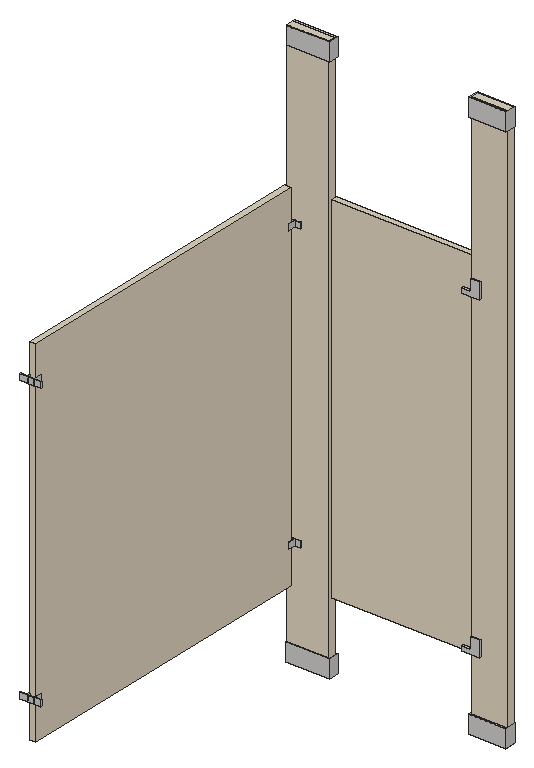
Revit family
Parameters (values of type "As Specified in 10 21 00")
  topoffset = 0' - 0 1/4"
  strkhdwr [instance] = not(or((End Panel_Strike Side), (Terminates at Wall_Strike Side)))  # no
  hngpnlconstrain [instance] = if((Terminates at Wall_Hinge Side), (Front Panel Width_Hinge Side - Reveal Clearance), (if((End Panel_Hinge Side), (Front Panel Width_Hinge Side + Panel Thickness + 0' 0 1/8"), (Front Panel Width_Hinge Side))))  # 0' - 6"
  hngpnl2 [instance] = if((Terminates at Wall_Strike Side), (Panel Thickness - Reveal Clearance - 0' 0 1/8"), (if((End Panel_Strike Side), (Panel Thickness + 0' 0 1/8"), (Panel Thickness))))  # 0' - 1 1/8"
  capoffset = 0' - 0"
  Warranty Duration (Years) = 0
  URL = "http://www.am-sanitary-partition.com/\r\n"
  Type Comments = "Toilet Partition"
  Terminates at Wall_Strike Side [instance] = no
  Terminates at Wall_Hinge Side [instance] = no
  Stile Thickness = 0' - 1 1/4"
  Stall Width = 3' - 0"
  Stall Depth [instance] = 4' - 8"
  Panel Thickness = 0' - 1"
  Outswing [instance] = not(Inswing)  # no
  Inswing [instance] = yes
  Headrail Material = Aluminum - Extruded - Satin Anodized Finish
  Green Building-LEED = "http://www.arcat.com/green/clients/leed_data_30440.html\r\n"
  End Panel_Strike Side [instance] = not(Terminates at Wall_Strike Side)  # yes
  Front Panel Width_Strike Side = 0' - 6"
  Specification = "http://www.arcat.com/specwizard/clients/amerisan.html?coid=30440\r\n"
  SpecWizard = "http://www.arcat.com/specwizard/10150asp/index.htm?mf=&coid=30440\r\n"
  Send Message = "http://admin.arcat.com/users.pl?action=UserEmail&company=American%20Sanitary%20Partition%20Corp.&coid=30440&rep=145&fax=407-656-8189&mf=\r\n"
  Sales Information = "http://www.am-sanitary-partition.com/\r\n"
  Revision = "R1_10/2009"
  Reveal Clearance = 0' - 0 1/2"
  Product Properties = "http://www.arcat.com/bim/bim_info.pl?fn=Toilet-Partition_AmericanSanitary_Floor-to-Ceiling\r\n"
  Product Data = "http://www.arcat.com/arcatcos/cos30/arc30440.html\r\n"
  Panel Material [instance] = Phenolic Core - Color as Specified
  Model = "As Specified in 10 21 00"
  Manufacturer's Notes = ""
  Manufacturer Website = "http://www.am-sanitary-partition.com/\r\n"
  Manufacturer Phone = "407-656-0611\r\n"
  Manufacturer Fax = "407-656-8189\r\n"
  Manufacturer Address = "300 Enterprise St.; P. O. Box 99; Ocoee; FL 34761\r\n"
  Manufacturer = "American Sanitary Partition Corp.\r\n"
  Maintenance Schedule (Months) = 0
  Keynote = "10 21 00"
  Installation-Fabrication = "http://www.arcat.com/clients/amersan.pdf"
  Installation Phase = ""
  End Panel_Hinge Side [instance] = no
  Front Panel Width_Hinge Side = Stall Width - Door Width - Front Panel Width_Strike Side  # 0' - 6"
  Hardware Finish [instance] = Stainless Steel - Type 304 #4 Brushed Finish
  Expected Lifespan (Years) = 0
  Drawn By = "Robert S. Weygant, CSI, CDT, SCIP"  # constant formula
  Door Width = 2' - 0"
  Door Thickness = 0' - 1"
  Door Height = 5' - 0"
  Distance from Floor to Panel = 1' - 0"
  Copyright = "2009, ARCAT, Inc."  # constant formula
  Description = "As Specified in 10 21 00"
  Construction Details = "http://www.arcat.com/details/amerisan/amerisan.html?coid=30440\r\nhttp://www.arcat.com/details/amerisan/amerisan.html?coid=30440\r\n"
  Ceiling Height = 8' - 0"
  Brackets_Vertical = 2
  Assembly Code = "C1010400"
Reference planes (in)
  plane 1: y = 26.56271
  plane 2 "Center (Left/Right)": x = 26.6528
  plane 3 "Left": x = 44.6528
  plane 4: x = 8.6528
  plane 5: y = 86.31271
  plane 6 "Back": y = 31.56271
  plane 7 "Right": x = 7.6528
  plane 8 "Front": y = 87.56271
  plane 9 "Bottom of panel": z = 12
  plane 10 "Top of panel": z = 72
  plane 11: x = 14.6528
  plane 12: x = 38.6528
  plane 13 "Top": z = 96
  plane 14 "Bottom Bracket": z = 18
  plane 15 "Top Bracket": z = 66
  plane 16 "Top Hinge": z = 68.75
  plane 17: y = 85.81271
  plane 18: y = 32.06271
  plane 19: z = 0
  plane 20: x = 7.5278
Forms (in)
  Extrusion 1, solid, material "Phenolic Core - Color as Specified" <- "Panel Material"
    sketch origin (0, 0, 0) x (1, 0, 0) y (0, 1, 0)
      loop
        line (7.5278, 87.56271) -> (7.5278, 86.31271) -> (14.6528, 86.31271) -> (14.6528, 87.56271) -> (7.5278, 87.56271)
    from 0 to 96
  Extrusion 2, solid, material "Stainless Steel - Type 304 #4 Brushed Finish" <- "Hardware Finish", detail levels medium+fine
    sketch origin (0, 87.56271, 0) x (-1, 0, 0) y (0, 0, 1)
      loop
        line (-13.1528, 39.97704) -> (-13.1528, 42.02296) -> (-15.6528, 42.02296) -> (-15.6528, 39.97704) -> (-13.1528, 39.97704)
    from 0 to 0.25
  Extrusion 3, solid, material "Phenolic Core - Color as Specified" <- "Panel Material"
    sketch origin (0, 0, 0) x (1, 0, 0) y (0, 1, 0)
      loop
        line (38.6528, 87.56271) -> (38.6528, 86.31271) -> (44.6528, 86.31271) -> (44.6528, 87.56271) -> (38.6528, 87.56271)
    from 0 to 96
  Extrusion 4, solid, material "Phenolic Core - Color as Specified" <- "Panel Material", visible <- "End Panel_Hinge Side"
    sketch origin (0, 0, 0) x (1, 0, 0) y (0, 1, 0)
      loop
        line (44.6528, 32.06271) -> (45.6528, 32.06271) -> (45.6528, 85.81271) -> (44.6528, 85.81271) -> (44.6528, 32.06271)
    from 12 to 72
  Extrusion 5, solid, material "Phenolic Core - Color as Specified" <- "Panel Material", visible <- "End Panel_Strike Side"
    sketch origin (0, 0, 0) x (1, 0, 0) y (0, 1, 0)
      loop
        line (7.6528, 32.06271) -> (8.6528, 32.06271) -> (8.6528, 85.81271) -> (7.6528, 85.81271) -> (7.6528, 32.06271)
    from 12 to 72
  Extrusion 6, solid, material "Stainless Steel - Type 304 #4 Brushed Finish" <- "Hardware Finish", detail levels fine
    sketch origin (0, 87.56271, 0) x (-1, 0, 0) y (0, 0, 1)
      loop
        line (-38.6528, 68.75) -> (-40.1528, 68.75) -> (-40.1528, 66) -> (-38.6528, 66) -> (-37.1528, 66) -> (-37.1528, 66.75) -> (-38.6528, 66.75) -> (-38.6528, 68.75)
    from -1.49944 to 0.25
  Extrusion 7, solid, material "Stainless Steel - Type 304 #4 Brushed Finish" <- "Hardware Finish", detail levels fine
    sketch origin (0, 87.56271, -52) x (-1, 0, 0) y (0, 0, 1)
      loop
        line (-38.6528, 66.75) -> (-40.1528, 66.75) -> (-40.1528, 64) -> (-37.1528, 64) -> (-37.1528, 64.75) -> (-38.6528, 64.75) -> (-38.6528, 66.75)
    from -1.49944 to 0.25
  Extrusion 8, solid, material "Phenolic Core - Color as Specified" <- "Panel Material"
    sketch origin (0, 87.56271, 0) x (-1, 0, 0) y (0, 0, 1)
      loop
        line (-36.9028, 12) -> (-14.9028, 12) -> (-14.9028, 72) -> (-38.4028, 72) -> (-38.4028, 66.75) -> (-36.9028, 66.75) -> (-36.9028, 65.9223) -> (-38.4028, 65.9223) -> (-38.4028, 12.75) -> (-36.9028, 12.75) -> (-36.9028, 12)
    from -1 to 0
  Extrusion 9, solid, material "Stainless Steel - Type 304 #4 Brushed Finish" <- "Hardware Finish", detail levels fine
    sketch origin (2.39731, 87.56271, 78) x (-1, 0, 0) y (0, 0, 1)
      loop
        line (-12.50549, -78) -> (-5.13049, -78) -> (-5.13049, -75) -> (-12.50549, -75) -> (-12.50549, -78)
      loop
        line (-12.50549, 15) -> (-5.25549, 15) -> (-5.25549, 18) -> (-12.50549, 18) -> (-12.50549, 15)
    from -1.49768 to 0.24505
  Extrusion 10, solid, material "Stainless Steel - Type 304 #4 Brushed Finish" <- "Hardware Finish", detail levels fine
    sketch origin (0, 87.56271, 79) x (-1, 0, 0) y (0, 0, 1)
      loop
        line (-44.6528, -79) -> (-38.4028, -79) -> (-38.4028, -76) -> (-44.6528, -76) -> (-44.6528, -79)
      loop
        line (-44.6528, 14) -> (-38.4028, 14) -> (-38.4028, 17) -> (-44.6528, 17) -> (-44.6528, 14)
    from -1.49944 to 0.25923
Lines and regions (in)
  symbolic lines
    curve 1: line (38.6528, 0, 72) -> (14.6528, 0, 42)
    curve 2: line (14.6528, 0, 42) -> (38.6528, 0, 12)
    curve 3: line (8.6528, 31.56271, 0) -> (7.6528, 31.56271, 0)
  symbolic lines, visible <- "Inswing"
    curve 4: line (38.6528, 86.31271, 0) -> (38.6528, 62.31271, 0)
    curve 5: line (38.6528, 62.31271, 0) -> (37.6528, 62.31271, 0)
    curve 6: line (37.6528, 62.31271, 0) -> (37.6528, 86.31271, 0)
    curve 7: line (37.6528, 86.31271, 0) -> (38.6528, 86.31271, 0)
  symbolic lines, style "Toilet Accessories-Dashed", visible <- "Inswing"
    curve 8: arc (14.6528, 86.31271, 0) -> (21.68224, 69.34214, 0) -> (38.6528, 62.31271, 0) r 24
  symbolic lines, visible <- "Outswing"
    curve 9: line (38.6528, 87.56271, 0) -> (38.6528, 111.47195, 0)
    curve 10: line (38.6528, 111.47195, 0) -> (37.6528, 111.47195, 0)
    curve 11: line (37.6528, 111.47195, 0) -> (37.6528, 87.56271, 0)
    curve 12: line (37.6528, 87.56271, 0) -> (38.6528, 87.56271, 0)
  symbolic lines, style "Toilet Accessories-Dashed", visible <- "Outswing"
    curve 13: arc (14.6528, 87.47195, 0) -> (21.68224, 104.44252, 0) -> (38.6528, 111.47195, 0) r 24
Text (in)
  text "Placement Side" at (0, 40.15149, 123.01588), in view "Right"
  text "Placement Side" at (-71.13158, 43.3951, 0), in view "Floor Line"
  text "Placement Side" at (0, 65.23256, 117.93067), in view "Left"
Dimensions and locks (in)
  "Stall Width": plane 4 to plane 3 "Left"
  "Door Height": plane 9 "Bottom of panel" to plane 10 "Top of panel"
  "Distance from Floor to Panel": host wall to plane 9 "Bottom of panel"
  equal spacing: plane 9 "Bottom of panel", curve 2, plane 10 "Top of panel"
  "Ceiling Height": level to plane 13 "Top"
  "Panel Thickness": plane 7 "Right" to plane 4
  "Panel Thickness": plane 3 "Left" to Extrusion 4 sketch curve
  locked: Extrusion 6 sketch curve to plane 12 at 1.5  (x2)
  locked: plane 9 "Bottom of panel" to Extrusion 7 sketch curve at 2.75
  locked: Extrusion 7 sketch curve to plane 12 at 1.5
  locked: plane 12 to Extrusion 7 sketch curve at 1.5
  locked: plane 12 to Extrusion 8 sketch curve at 0.25
  locked: plane 11 to Extrusion 8 sketch curve at 0.25
  locked: Extrusion 2 sketch curve to plane 11 at 1.5
  "Front Panel Width_Hinge Side": plane 12 to plane 3 "Left"
  "Door Width": plane 11 to plane 12
  locked: Extrusion 9 sketch curve to plane 11 at 0.25  (x2)
  locked: Extrusion 10 sketch curve to plane 12 at 0.25  (x2)
  equal spacing: plane 4, plane 2 "Center (Left/Right)", plane 3 "Left"
  locked: Extrusion 9 to plane 8 "Front" at 0.24505
  locked: Extrusion 9 to plane 5 at 0.24768
  "Door Thickness": curve 6 to plane 12
  group 1 to group 2 = 0' - 0"
  group 2 to group 1 = 0' - 0"
  group 1 to group 2 = 4' - 0"
  locked: plane 15 "Top Bracket" to plane 16 "Top Hinge" at 2.75
  locked: plane 15 "Top Bracket" to plane 10 "Top of panel" at 6
  locked: plane 9 "Bottom of panel" to plane 14 "Bottom Bracket" at 6
  "Reveal Clearance": plane 17 to plane 5
  "Reveal Clearance": plane 18 to plane 6 "Back"
  group 4 to group 3 = 0' - 0 3/8"
  group 4 to group 3 = 0' - 0"
  group 3 to group 4 = 4' - 0"
  Extrusion 10 to Extrusion 3 = 0' - 0.25923"
  Extrusion 10 to Extrusion 3 = 0' - 0.24944"
  locked: Extrusion 10 to Extrusion 3 at 0.25
  "Stile Thickness": plane 8 "Front" to plane 5
  "capoffset": Extrusion 3 to Extrusion 10
  "hngpnlconstrain": Extrusion 3 sketch curve to Extrusion 3 sketch curve
  "capoffset": Extrusion 1 to Extrusion 9
  group 5 to group 6 = 0' - 0"  (x2)
  group 5 to group 6 = 4' - 0"
  group 7 to group 8 = 0' - 0"
  group 8 to group 7 = 0' - 0"
  group 7 to group 8 = 4' - 0"
  group 9 to group 10 = 0' - 0"
  group 10 to group 9 = 0' - 0"
  group 9 to group 10 = 4' - 0"
  Extrusion 4 to Extrusion 10 sketch curve = 0' - 1"  (x2)
  "hngpnl2": plane 20 to plane 4
  group 11 to group 12 = 0' - 0"
  group 12 to group 11 = 0' - 0"
  group 11 to group 12 = 4' - 0"
  "Stall Depth": plane 8 "Front" to plane 6 "Back"
  group 13 to group 14 = 0' - 0"  (x2)
  group 13 to group 14 = 4' - 0"
  locked: Extrusion 10 sketch curve to Extrusion 10 sketch curve at 3  (x2)
  locked: Extrusion 9 sketch curve to Extrusion 9 sketch curve at 3  (x2)
  "capoffset": plane 3 "Left" to Extrusion 10
  "capoffset": Extrusion 9 to plane 7 "Right"
  "Door Thickness": Extrusion 8 to Extrusion 8
  "Door Thickness": curve 11 to curve 9
  "Stile Thickness": Extrusion 3 sketch curve to Extrusion 3 sketch curve
  "Stall Depth": plane 6 "Back" to Extrusion 3 sketch curve
  "Door Width": radius of curve 13
  aligned and locked: Extrusion 1 sketch curve to plane 8 "Front"
  aligned and locked: Extrusion 1 sketch curve to plane 5
  aligned and locked: Extrusion 1 sketch curve to plane 11
  aligned and locked: plane 13 "Top" to Extrusion 1
  aligned and locked: Extrusion 2 to plane 8 "Front"
  aligned and locked: plane 12 to Extrusion 3 sketch curve
  aligned and locked: plane 3 "Left" to Extrusion 4 sketch curve
  aligned and locked: plane 9 "Bottom of panel" to Extrusion 4
  aligned and locked: Extrusion 1 to Extrusion 3
  aligned and locked: Extrusion 5 to plane 10 "Top of panel"
  aligned and locked: plane 9 "Bottom of panel" to Extrusion 5
  aligned and locked: plane 16 "Top Hinge" to Extrusion 6 sketch curve
  aligned and locked: plane 15 "Top Bracket" to Extrusion 6 sketch curve
  aligned and locked: Extrusion 6 sketch curve to plane 12
  aligned and locked: plane 9 "Bottom of panel" to Extrusion 7 sketch curve
  aligned and locked: Extrusion 7 sketch curve to plane 12
  aligned and locked: Extrusion 7 to Extrusion 8 sketch curve
  aligned and locked: plane 10 "Top of panel" to Extrusion 8 sketch curve
  aligned and locked: curve 4 to plane 12
  aligned and locked: plane 8 "Front" to Extrusion 8
  aligned and locked: plane 7 "Right" to nested 1
  aligned and locked: nested 1 to plane 5  (x4)
  aligned and locked: plane 14 "Bottom Bracket" to nested 1
  aligned and locked: plane 15 "Top Bracket" to nested 2
  aligned and locked: plane 7 "Right" to nested 2
  aligned and locked: plane 5 to nested 1
  aligned and locked: plane 17 to Extrusion 5 sketch curve
  aligned and locked: Extrusion 5 sketch curve to plane 18
  aligned and locked: plane 18 to Extrusion 4 sketch curve
  aligned and locked: plane 17 to Extrusion 4 sketch curve
  aligned and locked: nested 3 to plane 5  (x2)
  aligned and locked: nested 3 to plane 3 "Left"
  aligned and locked: nested 3 to plane 14 "Bottom Bracket"
  aligned and locked: nested 4 to plane 15 "Top Bracket"
  aligned and locked: plane 5 to nested 3
  aligned and locked: plane 3 "Left" to nested 3
  aligned and locked: Extrusion 4 to plane 10 "Top of panel"
  aligned and locked: nested 5 to plane 4  (x3)
  aligned and locked: plane 6 "Back" to nested 5
  aligned and locked: nested 6 to plane 3 "Left"
  aligned and locked: nested 6 to plane 6 "Back"  (x3)
  aligned and locked: nested 6 to plane 14 "Bottom Bracket"
  aligned and locked: plane 14 "Bottom Bracket" to nested 5
  aligned and locked: plane 6 "Back" to nested 6  (x2)
  aligned and locked: nested 7 to plane 15 "Top Bracket"
  aligned and locked: nested 7 to plane 3 "Left"
  aligned and locked: nested 5 to plane 6 "Back"  (x4)
  aligned and locked: nested 8 to plane 3 "Left"
  aligned and locked: nested 8 to plane 8 "Front"  (x3)
  aligned and locked: plane 14 "Bottom Bracket" to nested 8
  aligned and locked: plane 15 "Top Bracket" to nested 9
  aligned and locked: nested 9 to plane 3 "Left"
  aligned and locked: plane 3 "Left" to nested 8
  aligned and locked: plane 7 "Right" to nested 5  (x2)
  aligned and locked: nested 7 to plane 6 "Back"
  aligned and locked: plane 6 "Back" to nested 7
  aligned and locked: plane 15 "Top Bracket" to nested 10
  aligned and locked: nested 10 to plane 4
  aligned and locked: plane 19 to level
  aligned and locked: Extrusion 1 to plane 20
  aligned and locked: plane 8 "Front" to nested 11  (x2)
  aligned and locked: nested 11 to plane 7 "Right"
  aligned and locked: nested 11 to plane 14 "Bottom Bracket"
  aligned and locked: nested 12 to plane 15 "Top Bracket"
  aligned and locked: nested 12 to plane 7 "Right"
  aligned and locked: nested 11 to plane 8 "Front"
  aligned and locked: plane 6 "Back" to host wall
  aligned and locked: plane 5 to nested 13
  aligned and locked: nested 13 to plane 5  (x2)
  aligned and locked: plane 14 "Bottom Bracket" to nested 13  (x2)
  aligned and locked: nested 13 to plane 14 "Bottom Bracket"
  aligned and locked: plane 7 "Right" to nested 13
  aligned and locked: plane 15 "Top Bracket" to nested 14  (x2)
  aligned and locked: nested 14 to plane 15 "Top Bracket"
  aligned and locked: plane 7 "Right" to nested 14
  aligned and locked: plane 5 to nested 14
  aligned and locked: plane 19 to Extrusion 1
  aligned and locked: plane 19 to Extrusion 3
  aligned and locked: plane 19 to Extrusion 10 sketch curve
  aligned and locked: plane 19 to Extrusion 9 sketch curve
  aligned and locked: plane 13 "Top" to Extrusion 10 sketch curve
  aligned and locked: plane 13 "Top" to Extrusion 9 sketch curve
  aligned and locked: curve 12 to plane 8 "Front"
  aligned and locked: plane 6 "Back" to nested 10
  aligned and locked: plane 5 to nested 2
  aligned and locked: plane 5 to nested 12
  aligned and locked: nested 4 to plane 5
  aligned and locked: nested 9 to plane 5
  aligned and locked: Extrusion 6 to Extrusion 10
Automatic sketch dimensions
  curve 3 to host wall = 0' - 0"
  curve 3 to plane 7 "Right" = 0' - 0"
  curve 3 to plane 4 = 0' - 0"
  plane 11 to Extrusion 2 sketch curve = 0' - 1"
  plane 14 "Bottom Bracket" to Extrusion 2 sketch curve = 1' - 9.97704"
  Extrusion 2 sketch curve to Extrusion 2 sketch curve = 0' - 2.04593"
  Extrusion 5 sketch curve to plane 7 "Right" = 0' - 0"
  Extrusion 5 sketch curve to plane 4 = 0' - 0"
  curve 1 to plane 10 "Top of panel" = 0' - 0"
  curve 2 to plane 9 "Bottom of panel" = 0' - 0"
  curve 1 to plane 11 = 0' - 0"
  curve 2 to plane 12 = 0' - 0"
  curve 1 to plane 12 = 0' - 0"
  Extrusion 1 sketch curve to plane 20 = 0' - 0"
  Extrusion 6 sketch curve to plane 12 = 0' - 0"
  plane 15 "Top Bracket" to Extrusion 6 sketch curve = 0' - 0 3/4"
  Extrusion 7 sketch curve to plane 9 "Bottom of panel" = 0' - 0 3/4"
  Extrusion 8 sketch curve to plane 12 = 0' - 0 1/4"
  Extrusion 8 sketch curve to plane 9 "Bottom of panel" = 0' - 0 3/4"
  Extrusion 8 sketch curve to Extrusion 8 sketch curve = 0' - 1 1/2"  (x2)
  Extrusion 8 sketch curve to plane 15 "Top Bracket" = 0' - 0.0777"
  plane 15 "Top Bracket" to Extrusion 8 sketch curve = 0' - 0 3/4"
  curve 8 to plane 5 = 0' - 0"
  curve 8 to plane 11 = 0' - 0"
  curve 6 to plane 5 = 0' - 0"
  plane 20 to Extrusion 9 sketch curve = 0' - 0 1/8"
  plane 20 to Extrusion 9 sketch curve = 0' - 0"
  curve 12 to plane 12 = 0' - 0"
  curve 13 to plane 8 "Front" = 0' - 0.09075"
Nested families (in)
  nested 1: "Mounting Bracket" at (7.6528, 86.31271, 18), visible <- "strkhdwr", type "Common Mount"
    with panel thickness 0' - 1"
  nested 2: "Mounting Bracket" at (7.6528, 86.31271, 66), visible <- "strkhdwr", type "Common Mount"
    with panel thickness 0' - 1"
  nested 3: "Mounting Bracket" at (45.9028, 86.31271, 18) x (-1, 0, 0) z (0, 0, 1), visible <- "End Panel_Hinge Side", type "End Mount"
  nested 4: "Mounting Bracket" at (45.5278, 86.31271, 66) x (-1, 0, 0) z (0, 0, 1), visible <- "End Panel_Hinge Side", type "End Mount"
  nested 5: "Mounting Bracket" at (8.6528, 31.56271, 18) x (-1, 0, 0) z (0, 0, 1), visible <- "End Panel_Strike Side", type "Common Mount"
    with panel thickness 0' - 1"
  nested 6: "Mounting Bracket" at (44.6528, 31.56271, 18), visible <- "End Panel_Hinge Side", type "Common Mount"
    with panel thickness 0' - 1"
  nested 7: "Mounting Bracket" at (44.6528, 31.56271, 66), visible <- "End Panel_Hinge Side", type "Common Mount"
    with panel thickness 0' - 1"
  nested 8: "Mounting Bracket" at (44.6528, 87.56271, 18) x (0, -1, 0) z (0, 0, 1), visible <- "Terminates at Wall_Hinge Side", type "End Mount"
  nested 9: "Mounting Bracket" at (44.6528, 87.56271, 66) x (0, -1, 0) z (0, 0, 1), visible <- "Terminates at Wall_Hinge Side", type "End Mount"
  nested 10: "Mounting Bracket" at (8.6528, 31.56271, 66) x (-1, 0, 0) z (0, 0, 1), visible <- "End Panel_Strike Side", type "Common Mount"
    with panel thickness 0' - 1"
  nested 11: "Mounting Bracket" at (7.6528, 87.56271, 18) x (0, -1, 0) z (0, 0, 1), visible <- "Terminates at Wall_Strike Side", type "End Mount"
  nested 12: "Mounting Bracket" at (7.6528, 87.56271, 66) x (0, -1, 0) z (0, 0, 1), visible <- "Terminates at Wall_Strike Side", type "End Mount"
  nested 13: "Mounting Bracket" at (7.6528, 86.31271, 18), visible <- "End Panel_Strike Side", type "End Mount"
  nested 14: "Mounting Bracket" at (7.6528, 86.31271, 66), visible <- "End Panel_Strike Side", type "End Mount"
Definition of nested family "Mounting Bracket"
  Parameters (values of type "Common Mount")
    panel thickness = 0' - 0 1/2"
    hdwr matl = none
    Surfmnt = yes
    Hdwr Height = 0' - 1"
    Assembly Code = ""
  Types (2): name | panel thickness | Surfmnt
    Common Mount | 0' - 0 1/2" | yes
    End Mount | 0' - 1" | no
  Reference planes (in)
    plane 1 "Center (Front/Back)": y = 0
    plane 2 "bottom": z = 0
    plane 3 "Center (Left/Right)": x = 0
    plane 4: y = -1.37133
    plane 5 "top": z = 1
    plane 6: y = -0.12324
  Forms (in)
    Extrusion 1, solid, material <- "hdwr matl"
      sketch origin (0, 0, 0) x (1, 0, 0) y (0, 1, 0)
        loop
          line (0, -1.37133) -> (0, -0.125) -> (0.5, -0.125) -> (0.5, -1.37133) -> (0.625, -1.37133) -> (0.625, -0.12324) -> (2.25, -0.12324) -> (2.25, 0) -> (-0.125, 0) -> (-0.125, -1.37133) -> (0, -1.37133)
      from 0 to 1
    Extrusion 2, solid, material <- "hdwr matl", visible <- "Surfmnt"
      sketch origin (0, 0, 0) x (1, 0, 0) y (0, 1, 0)
        loop
          line (0, 0) -> (-1.25, 0) -> (-1.25, -0.125) -> (0, -0.125) -> (0, 0)
      from 0 to 1
  Dimensions and locks (in)
    "panel thickness": Extrusion 1 sketch curve to Extrusion 1 sketch curve
    locked: Extrusion 1 sketch curve to Extrusion 1 sketch curve at 0.125  (x2)
    locked: plane 4 to plane 1 "Center (Front/Back)" at 1.37133
    locked: Extrusion 1 sketch curve to Extrusion 1 sketch curve at 2.375
    locked: Extrusion 2 sketch curve to Extrusion 2 sketch curve at 0.125
    locked: Extrusion 2 sketch curve to Extrusion 2 sketch curve at 1.25
    "Hdwr Height": plane 5 "top" to plane 2 "bottom"
    locked: plane 6 to plane 1 "Center (Front/Back)" at 0.12324
    "panel thickness": Extrusion 1 to Extrusion 1
    aligned and locked: plane 3 "Center (Left/Right)" to Extrusion 1 sketch curve
    aligned and locked: Extrusion 1 sketch curve to plane 1 "Center (Front/Back)"
    aligned and locked: Extrusion 1 sketch curve to plane 4  (x2)
    aligned and locked: Extrusion 2 sketch curve to plane 1 "Center (Front/Back)"
    aligned and locked: plane 3 "Center (Left/Right)" to Extrusion 2 sketch curve
    aligned and locked: plane 5 "top" to Extrusion 1
    aligned and locked: plane 5 "top" to Extrusion 2
    aligned and locked: Extrusion 1 to plane 2 "bottom"
    aligned and locked: Extrusion 2 to plane 2 "bottom"
  Automatic sketch dimensions
    plane 1 "Center (Front/Back)" to Extrusion 1 sketch curve = 0' - 0.12324"
    plane 1 "Center (Front/Back)" to Extrusion 1 sketch curve = 0' - 0 1/8"
